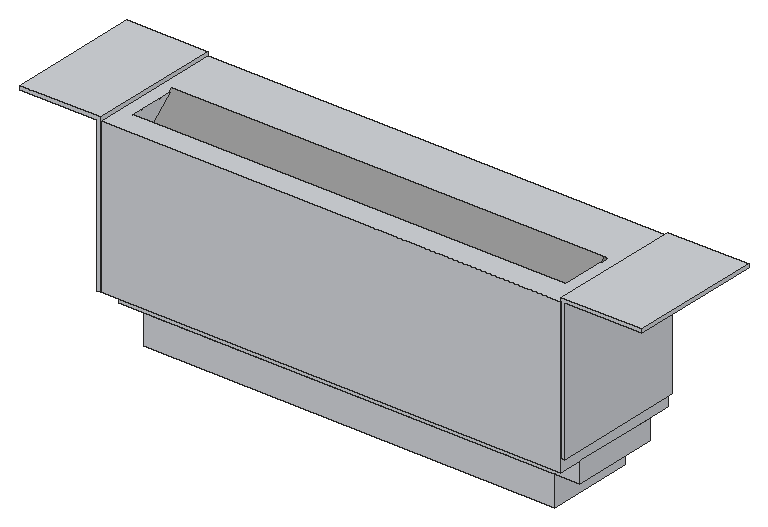
Revit family "2061265 Sylvania Lighting Fixture DOMINO 5xLED 940 OPAL AY TRIMLESS WHITE", category Lighting Fixtures, host Face, Revit 2018
Family settings
  Host = Face
  Round Connector Dimension = Use Diameter
  Part Type = Normal
  OmniClass Number = 23.80.70.00
  OmniClass Title = Lighting
  Cut with Voids When Loaded = No
  Light Source = Yes
  Shared = No
  Room Calculation Point = No
Parameters (values of type "2061265 DOMINO 5XLED 940 OPAL ASYM TS WHT ")
  top top width = 15.812 mm
  top top length = 123 mm
  Width = 50 mm
  Weight = "n/a"
  Wattage Comments = ""
  Wattage = 9.2903 W
  WarrantyStartDate [instance] = "n/a"
  WarrantyGuarantorParts = "n/a"
  WarrantyDurationUnit = "n/a"
  WarrantyDurationParts = ""
  WarrantyDescription = "http://www.sylvania-lighting.com"
  built-in parameter 1150110 = 1 (stored number, unit not read)
  Voltage = 0 V
  URL = "0.6"
  TypeName = "DOMINO 5xLED 940 OPAL AY TRIMLESS WHITE"
  Type Image = <None>
  Type Comments = "n/a"
  built-in parameter 1114217 = 1 (stored number, unit not read)
  Top Width = 26 mm
  Tilt Angle = 90.00°
  built-in parameter 1150109 = 1 (stored number, unit not read)
  built-in parameter 1150134 = 3
  built-in parameter 1150113 = 1 (stored number, unit not read)
  SerialNumber [instance] = "n/a"
  Recessed Width = 43 mm
  Recessed Length = 143 mm
  Photometric Web File = "2061265.ies"
  Material_3_FEILO = none
  PowerFactor = 0
  PowerConsumption = "Lighting"
  NominalLength = 41 mm
  NominalHeight = 0 mm
  NominalDepth = 0 mm
  Name = "DOMINO 5xLED 940 OPAL AY TRIMLESS WHITE"
  ModelReference = Name  # "DOMINO 5xLED 940 OPAL AY TRIMLESS WHITE"
  ModelNumber = "2061265"
  Model = Name  # "DOMINO 5xLED 940 OPAL AY TRIMLESS WHITE"
  Material = "Feilo Sylvania"
  ManufacturerName = "60 lm/W"
  Manufacturer = ""
  LuminousEfficacy = ""
  built-in parameter 1150105 = 109.82 (stored number, unit not read)
  Lumens = 1380 lm
  LuminaireType = "0"
  built-in parameter 1150115 = 1 (stored number, unit not read)
  LightOutputRatio = "LED"
  built-in parameter 1150137 = (empty or 0)
  built-in parameter 1150139 = (empty or 0)
  Lens inside recess = 25 mm
  Lens Width = 32 mm
  Lens Outside recess = 31.978 mm
  Lens = Glass, White, High Luminance
  Length = 148 mm
  LampsType = Lamp  # "n/a"
  LampNominalLuminous = "4000 K"
  LampMacAdamStep = "90"
  LampColourTemperature = "LED"
  LampColourRenderingIndex = "16500"
  built-in parameter 1150112 = 1 (stored number, unit not read)
  built-in parameter 1150114 = 1 (stored number, unit not read)
  Lamp = "n/a"
  Keynote = "n/a"
  InstallationDate [instance] = "n/a"
  InputVoltage = "0"
  InputNominalFrequency = "4000"
  built-in parameter 1150132 = (empty or 0)
  built-in parameter 1150102 = (empty or 0)
  built-in parameter 1150107 = 3200 (stored number, unit not read)
  built-in parameter 1150138 = (empty or 0)
  IngressProtection = "IfcLightFixtureType"
  ImpactProtectionIndex = "IfcLightFixtureType"
  built-in parameter 1150106 = 1.0982 (stored number, unit not read)
  IfcExportType = "IfcLightFixtureType"
  IfcExportAs = "Class II"
  Facia internal width = 37 mm
  Facia internal length = 135 mm
  Facia Height = 2 mm
  ExpectedLife = 50000
  ElectricShockClassification = "60"
  built-in parameter 1150104 = 13.8 (stored number, unit not read)
  DurationUnit = "hours"
  DocumentationLiterature = "http://www.sylvania-lighting.com/product/en-int/products/2061265"
  DimmingControlOptions = "n/a"
  Material_2_FEILO = none
  Dimming Lamp Color Temperature Shift = <None>
  Description = "Modular LED recessed linear spotlight, ideal for retail and hospitality applications. Die-cast aluminium body, passive cooling. Two levels of reflector installation, low glaring. 5x LED source, asymmetric beam angle , optics: PMMA lens and polycarbonate reflector combination, opaline diffuser. Light color temperature: 4000K neutral white, total system power: 13W , total fixture lumen output: 770lm, efficacy: 60 lm/W, Ra90 typical, LED chromacity: 3 step MacAdam ellipse (SDCM3), lifespan: 96,000 hours at 90% of the original output (L90B10), IR/UV free light source without heat radiation, operating voltage: 220-240V / 50-60Hz, electronic driver, ultra low flicker, non-dimmable , electrical protection: Class II. Degree of Protection: IP40/IP20, suitable for indoor environment only. Ceiling cut-out: 42x42mm, outer dimensions:  144x41mm , trimless frame RAL 9016 - Traffic white / Bezel color.5 years Warranty."
  Default Elevation = 1219.2 mm
  CreatedOn = "23/02/2021"
  CreatedBy = "@sylvania-lighting.com"
  Cost = 0
  Color Filter = 16777215
  built-in parameter 1114216 [instance] = (empty or 0)
  ClassificationValue = "EF_70_80"
  ClassificationName = "Uniclass2015"
  Material_1_FEILO = none
  Body Width = 40 mm
  Body Length = 138 mm
  BarCode [instance] = "n/a"
  built-in parameter 1114218 = 1 (stored number, unit not read)
  built-in parameter 1150133 = 10 (stored number, unit not read)
  AssetType = "Fixed"
  AssetIdentifier [instance] = "n/a"
  Assembly Code = "D5020200"
  Apparent Load = 13 VA
  Material_4_FEILO = none
Reference planes
  plane 1 "Center (Front/Back)": y = 0
  plane 2: z = 0
  plane 3 "Center (Left/Right)": x = 0
  plane 4: z = 0
  plane 5: z = -7
  plane 6: z = -45.895
  plane 7: z = -51.895
  plane 8: z = -60.895
  plane 9: x = -71.5
  plane 10: x = 71.5
  plane 11: y = 21.5
  plane 12: y = -21.5
  plane 13: x = -74
  plane 14: x = 74
  plane 15: y = 25
  plane 16: y = -25
  plane 17: x = 67.5
  plane 18: x = -67.5
  plane 19: y = 18.5
  plane 20: y = -18.5
  plane 21: z = 2
  plane 22: x = -69
  plane 23: x = 69
  plane 24: y = 20
  plane 25: y = -20
  plane 26: y = 13
  plane 27: y = -13
  plane 28: x = 61.5
  plane 29: x = -61.5
  plane 30: x = -65.5
  plane 31: y = 16.5
  plane 32: y = -16.472
  plane 33: x = -40.5
  plane 34: x = -41
  plane 35: x = -65
  plane 36: y = 13
  plane 37: y = -12.972
  plane 38: x = -39.5
  plane 39: x = -14.48
  plane 40: x = -13.48
  plane 41: x = 11.52
  plane 42: x = 12.52
  plane 43: x = 37.52
  plane 44: x = 38.52
  plane 45: x = 64.5
  plane 46: x = -72.5
  plane 47: z = 1
  plane 48: x = -93
  plane 49: z = -42
  plane 50: x = -70
  plane 51: x = 93
  plane 52: x = 70
  plane 53: y = 6
  plane 54: y = -5.5
Forms (mm)
  Extrusion 1, solid, not visible, detail levels medium+fine
    sketch origin (4.2, 0, 0) x (1, 0, 0) y (0, 1, 0)
      loop
        line (-29.2, 34.5) -> (-29.2, -34.5) -> (20.8, -34.5) -> (20.8, 34.5) -> (-29.2, 34.5)
    from 0 to 1
  Extrusion 2, solid, not visible, detail levels medium+fine
    sketch origin (4.044, 0, 0) x (1, 0, 0) y (0, 1, 0)
      loop
        line (-29.2, 34.5) -> (-29.2, -34.5) -> (20.8, -34.5) -> (20.8, 34.5) -> (-29.2, 34.5)
    from 0 to 1
  Blend 3, solid, not visible, detail levels medium+fine
    base sketch origin (4.2, 0, 0) x (1, 0, 0) y (0, 1, 0)
      loop
        line (-29.2, 34.5) -> (-29.2, -34.5) -> (20.8, -34.5) -> (20.8, 34.5) -> (-29.2, 34.5)
    top sketch origin (4.2, 0, 0) x (1, 0, 0) y (0, 1, 0)
      loop
        line (-21.7, 28) -> (-21.7, -28) -> (13.3, -28) -> (13.3, 28) -> (-21.7, 28)
    from 1 to 3
  Extrusion 4, solid, not visible, detail levels medium+fine
    sketch origin (3.419, 0, 0) x (1, 0, 0) y (0, 1, 0)
      loop
        line (-29.2, 34.5) -> (-29.2, -34.5) -> (20.8, -34.5) -> (20.8, 34.5) -> (-29.2, 34.5)
    from 0 to 1
  Blend 5, solid, not visible, detail levels medium+fine
    base sketch origin (3.575, 0, 0) x (1, 0, 0) y (0, 1, 0)
      loop
        line (-29.2, 34.5) -> (-29.2, -34.5) -> (20.8, -34.5) -> (20.8, 34.5) -> (-29.2, 34.5)
    top sketch origin (3.575, 0, 0) x (1, 0, 0) y (0, 1, 0)
      loop
        line (-21.7, 28) -> (-21.7, -28) -> (13.3, -28) -> (13.3, 28) -> (-21.7, 28)
    from 1 to 3
  Extrusion 6, solid, not visible, detail levels medium+fine
    sketch origin (4.247, 0, 0) x (1, 0, 0) y (0, 1, 0)
      loop
        line (-29.2, 34.5) -> (-29.2, -34.5) -> (20.8, -34.5) -> (20.8, 34.5) -> (-29.2, 34.5)
    from 0 to 1
  Blend 7, solid, not visible, detail levels medium+fine
    base sketch origin (4.403, 0, 0) x (1, 0, 0) y (0, 1, 0)
      loop
        line (-29.2, 34.5) -> (-29.2, -34.5) -> (20.8, -34.5) -> (20.8, 34.5) -> (-29.2, 34.5)
    top sketch origin (4.403, 0, 0) x (1, 0, 0) y (0, 1, 0)
      loop
        line (-21.7, 28) -> (-21.7, -28) -> (13.3, -28) -> (13.3, 28) -> (-21.7, 28)
    from 1 to 3
  Extrusion 8, void, detail levels medium+fine
    sketch origin (4.2, 0, 0) x (0, 1, 0) y (1, 0, 0)
      loop
        line (21.5, -75.7) -> (21.5, 67.3) -> (-21.5, 67.3) -> (-21.5, -75.7) -> (21.5, -75.7)
    from -9.934 to 83.097
  Extrusion 9, solid, detail levels medium+fine
    sketch origin (4.2, 0, 0) x (1, 0, 0) y (0, 1, 0)
      loop
        line (-73.2, 20) -> (-73.2, -20) -> (64.8, -20) -> (64.8, 20) -> (-73.2, 20)
    from 0 to -45.895
  Extrusion 10, solid, detail levels medium+fine
    sketch origin (4.2, 0, 0) x (1, 0, 0) y (0, 1, 0)
      loop
        line (-73.2, 13) -> (-73.2, -13) -> (64.8, -13) -> (64.8, 13) -> (-73.2, 13)
    from -51.895 to -45.895
  Extrusion 11, solid, detail levels fine
    sketch origin (0, 0, 0) x (1, 0, 0) y (0, 0, 1)
      loop
        line (-61.5, -51.895) -> (-61.5, -60.895) -> (61.5, -60.895) -> (61.5, -51.895) -> (-61.5, -51.895)
    from -13 to 13
  Blend 12, void
    base sketch origin (109.343, -0.141, 0) x (0, 1, 0) y (-1, 0, 0)
      loop
        line (6.141, 174.343) -> (-15.422, 174.343) -> (-15.422, 44.843) -> (6.141, 44.843) -> (6.141, 174.343)
    top sketch origin (109.343, -0.141, 0) x (0, 1, 0) y (-1, 0, 0)
      loop
        line (-5.52, 174.343) -> (-6.359, 174.343) -> (-6.359, 44.843) -> (-5.52, 44.843) -> (-5.52, 174.343)
    from 3 to -7
  Extrusion 13, solid, detail levels coarse
    sketch origin (4.2, 0, 0) x (1, 0, 0) y (0, 1, 0)
      loop
        line (-97.2, 20) -> (-97.2, -20) -> (88.8, -20) -> (88.8, 20) -> (-97.2, 20)
    from 1 to -60.895
  Extrusion 14, solid, detail levels medium+fine
    sketch origin (0, 0, 0) x (1, 0, 0) y (0, 0, 1)
      loop
        line (-69, -45.895) -> (-69, 1) -> (-93, 1) -> (-93, 0) -> (-70, 0) -> (-70, -45.895) -> (-69, -45.895)
    from -20 to 20
  Extrusion 15, solid, detail levels medium+fine
    sketch origin (0, 0, 0) x (1, 0, 0) y (0, 0, 1)
      loop
        line (93, 1) -> (69, 1) -> (69, -42) -> (70, -42) -> (70, 0) -> (93, 0) -> (93, 1)
    from -20 to 20
  Extrusion 16, solid, material "Glass, White, High Luminance" <- "Lens", detail levels fine
    sketch origin (319, 1524, 1219.2) x (0, 1, 0) y (0, 0, 1)
      loop
        line (-1529.647, -1226.19) -> (-1521.485, -1219.19) -> (-1522.14, -1218.427) -> (-1530.302, -1225.426) -> (-1529.647, -1226.19)
    from -384 to -254.5
Cuts and joins
  Blend 12 cuts Extrusion 9
Dimensions and locks
  "Recessed Length": plane 9 to plane 10
  equal spacing: plane 9, plane 3 "Center (Left/Right)", plane 10
  "Length": plane 13 to plane 14
  equal spacing: plane 13, plane 3 "Center (Left/Right)", plane 14
  "Recessed Width": plane 11 to plane 12
  equal spacing: plane 11, plane 1 "Center (Front/Back)", plane 12
  "Width": plane 15 to plane 16
  equal spacing: plane 15, plane 1 "Center (Front/Back)", plane 16
  "Facia internal length": plane 18 to plane 17
  equal spacing: plane 18, plane 3 "Center (Left/Right)", plane 17
  "Facia internal width": plane 19 to plane 20
  equal spacing: plane 19, plane 1 "Center (Front/Back)", plane 20
  "Facia Height": plane 21 to host face
  "Body Length": plane 22 to plane 23
  equal spacing: plane 22, plane 3 "Center (Left/Right)", plane 23
  "Body Width": plane 24 to plane 25
  equal spacing: plane 24, plane 1 "Center (Front/Back)", plane 25
  "Top Width": plane 26 to plane 27
  equal spacing: plane 26, plane 1 "Center (Front/Back)", plane 27
  "top top length": plane 29 to plane 28
  equal spacing: plane 29, plane 3 "Center (Left/Right)", plane 28  (x2)
  plane 28 to plane 29 = 123 mm
  equal spacing: plane 28, plane 3 "Center (Left/Right)", plane 29
  aligned and locked: plane 2 to host face
  aligned and locked: level to host face
  aligned and locked: Extrusion 10 to plane 7
  aligned and locked: Extrusion 9 to plane 6
Automatic sketch dimensions
  Extrusion 1 sketch curve to Extrusion 1 sketch curve = 50 mm
  Extrusion 1 sketch curve to Extrusion 1 sketch curve = 69 mm
  Extrusion 2 sketch curve to Extrusion 2 sketch curve = 50 mm
  Extrusion 2 sketch curve to Extrusion 2 sketch curve = 69 mm
  Blend 3 sketch curve to Blend 3 sketch curve = 50 mm
  Blend 3 sketch curve to Blend 3 sketch curve = 69 mm
  Blend 3 sketch curve to Blend 3 sketch curve = 35 mm
  Blend 3 sketch curve to Blend 3 sketch curve = 56 mm
  Extrusion 4 sketch curve to Extrusion 4 sketch curve = 50 mm
  Extrusion 4 sketch curve to Extrusion 4 sketch curve = 69 mm
  Blend 5 sketch curve to Blend 5 sketch curve = 50 mm
  Blend 5 sketch curve to Blend 5 sketch curve = 69 mm
  Blend 5 sketch curve to Blend 5 sketch curve = 35 mm
  Blend 5 sketch curve to Blend 5 sketch curve = 56 mm
  Extrusion 6 sketch curve to Extrusion 6 sketch curve = 50 mm
  Extrusion 6 sketch curve to Extrusion 6 sketch curve = 69 mm
  Blend 7 sketch curve to Blend 7 sketch curve = 50 mm
  Blend 7 sketch curve to Blend 7 sketch curve = 69 mm
  Blend 7 sketch curve to Blend 7 sketch curve = 35 mm
  Blend 7 sketch curve to Blend 7 sketch curve = 56 mm
  host sketch curve to host sketch curve = 2438.4 mm  (x2)
  Extrusion 8 sketch curve to plane 9 = 0 mm
  Extrusion 8 sketch curve to plane 12 = 0 mm
  Extrusion 8 sketch curve to plane 11 = 0 mm
  Extrusion 8 sketch curve to plane 10 = 0 mm
  Extrusion 9 sketch curve to plane 22 = 0 mm
  Extrusion 9 sketch curve to plane 23 = 0 mm
  Extrusion 9 sketch curve to plane 25 = 0 mm
  Extrusion 9 sketch curve to plane 24 = 0 mm
  Extrusion 10 sketch curve to plane 22 = 0 mm
  Extrusion 10 sketch curve to plane 23 = 0 mm
  Extrusion 10 sketch curve to plane 27 = 0 mm
  Extrusion 10 sketch curve to plane 26 = 0 mm
  Extrusion 11 sketch curve to plane 8 = 0 mm
  Extrusion 11 sketch curve to plane 29 = 0 mm
  Extrusion 11 sketch curve to plane 28 = 0 mm
  Extrusion 11 sketch curve to plane 7 = 0 mm
  Extrusion 13 sketch curve to plane 13 = 19 mm
  plane 14 to Extrusion 13 sketch curve = 19 mm
  plane 16 to Extrusion 13 sketch curve = 5 mm
  Extrusion 13 sketch curve to plane 15 = 5 mm
  Extrusion 14 sketch curve to level = 0 mm
  Extrusion 14 sketch curve to plane 48 = 0 mm
  Extrusion 14 sketch curve to plane 50 = 0 mm
  Extrusion 14 sketch curve to plane 6 = 0 mm
  Extrusion 14 sketch curve to plane 22 = 0 mm
  Extrusion 14 sketch curve to plane 47 = 0 mm
  Extrusion 15 sketch curve to plane 23 = 0 mm
  Extrusion 15 sketch curve to plane 49 = 0 mm
  Extrusion 15 sketch curve to plane 52 = 0 mm
  Extrusion 15 sketch curve to plane 47 = 0 mm
  Extrusion 15 sketch curve to plane 51 = 0 mm
  Extrusion 15 sketch curve to level = 0 mm
  Blend 12 sketch curve to plane 35 = 0 mm  (x2)
  Blend 12 sketch curve to plane 45 = 0 mm  (x2)
  Blend 12 sketch curve to plane 53 = 0 mm
  plane 32 to Blend 12 sketch curve = 0.909 mm
  Blend 12 sketch curve to plane 54 = 1 mm
  Blend 12 sketch curve to plane 54 = 0.161 mm
  plane 5 to Extrusion 16 sketch curve = 0.01 mm
  Extrusion 16 sketch curve to plane 54 = 0.147 mm
  Extrusion 16 sketch curve to plane 47 = 0.227 mm
  Extrusion 16 sketch curve to plane 1 "Center (Front/Back)" = 1.86 mm
  level to Extrusion 16 sketch curve = 0.01 mm
Connectors
  electrical at (0, 0, -60.895)
    settings: on Extrusion 11, index 1, voltage 0 V, apparent load 0 VA, apparent load phase1 0 VA, apparent load phase2 0 VA, apparent load phase3 0 VA, power factor 1, load classification "Other", number of poles 1, system type 31, power factor state 1, is connector primary yes, connector utility no, sub classification motor no, connector description ""
